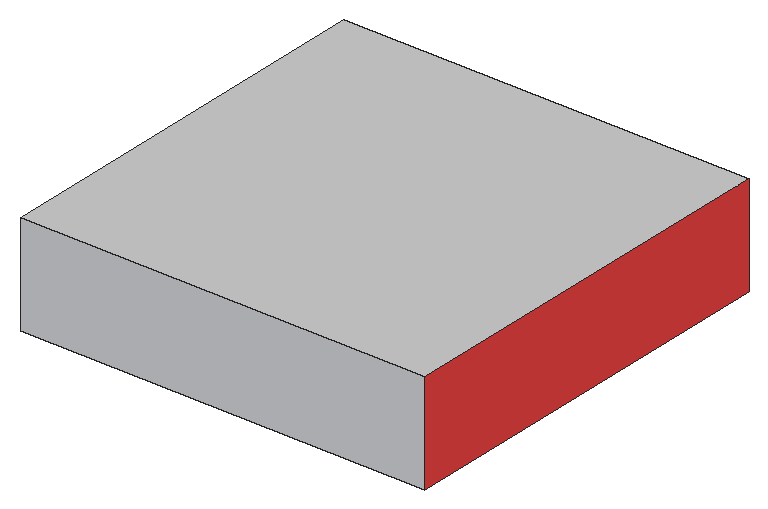
Revit family "GRIFO DE BIDET KARIM DUE con desagüe automático", category Aparatos sanitarios, Revit 2015
Parameters (values of type "88946000")
  URL = "http://www.griferiasgalindo.com/bidet/karim-due/grifo-de-bidet-karim-due?c=es"
  Teléfono = "(+34) 915 782 575"
  TIPO DE AGUA = "Fria/Caliente"
  REFERENCIA = "88946000"
  Presión Máxima = "5 bar"
  PESO BRUTO = ""
  Modelo = "KARIM DUE"
  Material = LATON CROMADO
  Imagen de tipo = <Ninguno>
  Fabricante = "PRESTO IBÉRICA"
  Default Elevation = 1219.2 mm
  ENTRADA = "Con latiguillos flexibles de 3/8”"
  Descripción = "Grifo monomando baño ducha. Esta serie de diseño tubular con cuerpo consistente y ergonomía funcional, proporciona una mezcla de estética sencilla y funcionalidad apta para todo tipo de usuarios y ambientes de baño. KARIM aporta el sistema de ahorro de agua Flowing Ecosystem con sistema de doble posición de maneta que permite ahorrar hasta un 50 % de agua. Estético, moderno, funcional y ecológico, así es KARIM DUE."
  Código de montaje = "C1030220"
  Contacto = "info@prestoiberica.com"
  Conexión AF = yes
  Conexión AC = yes
  Comentarios de tipo = "◦Grifo monomando baño ducha ecológico\r\n◦Acabado Cromo\r\n◦Disponible: sin o con accesorios de ducha\r\n◦Cartucho con discos cerámicos de diámetro 35 mm"
  CIERRE = ""
  CAUDAL = "8,5 l/min a 3 bar"
  Accionamiento = "Por maneta"
Reference planes
  plane 1 "Centro (Frontal/Posterior)": y = 0
  plane 2: z = 0
  plane 3 "Centro (Izquierda/Derecha)": x = 0
Forms (mm)
  Extrusion 1, solid
    sketch origin (0, 0, 0) x (1, 0, 0) y (0, 1, 0)
      loop
        line (-100, 100) -> (-100, -100) -> (100, -100) -> (100, 100) -> (-100, 100)
    from 0 to -50
Dimensions and locks
  Extrusion 1 sketch curve to plane 1 "Centro (Frontal/Posterior)" = 100 mm
  aligned and locked: plane 2 to Extrusion 1
  aligned and locked: level to Extrusion 1
Connectors
  piping at (0, 0, 0), diameter 9.5
    settings: on import instance, index 1, connector inside diameter 609.6 mm, connector length 0 mm, flow factor 0, pipe flow 0.0 L/s, pressure drop 0.0 Pa, fitting loss kfactor 0, connector angle 0.00°, fixture units 0, engagement length 0 mm, angle of deflection 0.00°, flow configuration 0, flow direction 1, fitting loss method 0, system type 7, joint type 0, gender type 0, connector reference index -1, connector utility 0, adjustable connector no, is connector primary yes, connector description ""
